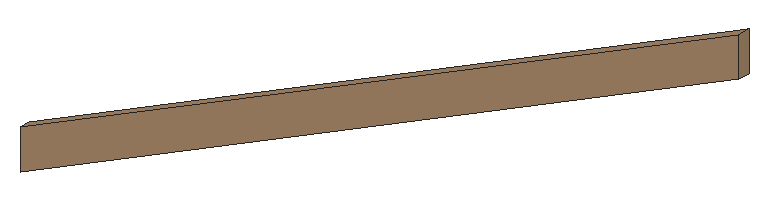
Revit family "EFRafter", category Structural Framing, Revit 2021
Family settings
  Section Shape = Not Defined
  Material for Model Behavior = Other
  Always export as geometry = No
  OmniClass Number = 23.25.30.21.14
  OmniClass Title = Trussed Beams and Joists
  Work Plane-Based = No
  Always vertical = Yes
  Cut with Voids When Loaded = No
  Symbolic Representation = From Family
  Shared = No
  Show family pre-cut in plan views = Yes
Parameters
  b = 50 mm
  Structural Material [instance] = Cherry
  Span [instance] = 3000 mm
  Slope [instance] = 25.00°
  d = 150 mm
Reference planes
  plane 1 "Center (Front/Back)": y = 0
  plane 2: z = 0
  plane 3 "Center (Left/Right)": x = 0
  plane 4: x = 1500
  plane 5: x = -1500
Forms (mm)
  Extrusion 1, solid, material "Cherry"
    sketch origin (0, 0, 0) x (1, 0, 0) y (0, 0, 1)
      loop
        line (-1500, -699.461) -> (-1500, -864.968) -> (1500, 533.955) -> (1500, 699.461) -> (-1500, -699.461)
    from -25 to 25
Lines and regions (mm)
  reference lines
    curve 1: line (0, 0, 0) -> (888.182, 0, 414.166)
    curve 2: line (155.563, 0, -92.966) -> (1043.745, 0, 321.2)
    curve 3: line (0, 25, 1265.697) -> (0, 25, -1134.303)
    curve 4: line (0, -25, 1265.697) -> (0, -25, -1134.303)
Dimensions and locks
  equal spacing: plane 5, plane 3 "Center (Left/Right)", plane 4
  "Span": plane 5 to plane 4
  "d": curve 1 to curve 2
  equal spacing: curve 3, plane 1 "Center (Front/Back)", curve 4
  "b": curve 3 to curve 4
  "Slope": angle curve 1 to level
  aligned and locked: plane 2 to level
  aligned and locked: Extrusion 1 sketch curve to curve 1
  aligned and locked: Extrusion 1 sketch curve to curve 2
  aligned and locked: plane 4 to Extrusion 1 sketch curve
  aligned and locked: plane 5 to Extrusion 1 sketch curve
  aligned and locked: curve 3 to Extrusion 1
  aligned and locked: Extrusion 1 to curve 4
Automatic sketch dimensions
  plane 3 "Center (Left/Right)" to curve 2 = 155.563 mm
  curve 1 to curve 2 = 155.563 mm
  curve 1 to plane 3 "Center (Left/Right)" = 0 mm
  curve 1 to level = 0 mm
  curve 3 to level = 1134.303 mm
  curve 4 to curve 3 = 0 mm  (x2)
  level to curve 4 = 1265.697 mm
